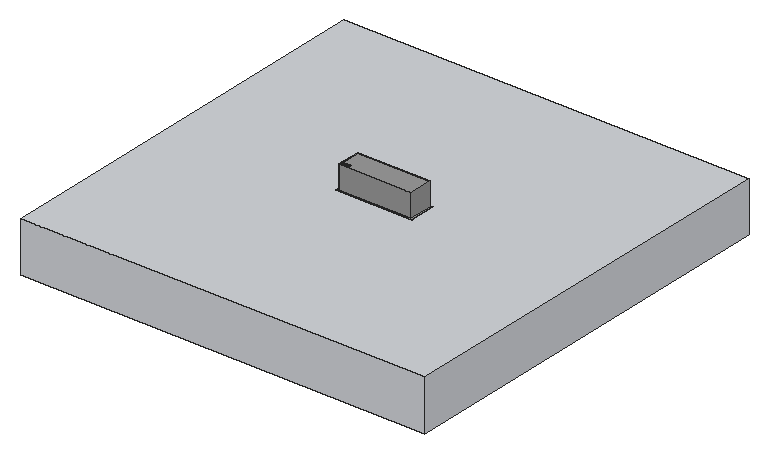
Revit family "LAMP_PUZZLE TRP", category Modelos genéricos, Revit 2015
Parameters (values of type "7032LM 3000 BLACK FLOOD")
  Weight = 3.036 kg
  Type = "COB PHILIPS"
  Protection rating = "IP20"
  Product datasheet = "http://www.lamp.es/product-files/TECH/PU2RE325FL830NB-EN.pdf"
  Product code = "PU2RE325FL830NB"
  Product URL = "http://www.lamp.es/en/family/puzzle_33321"
  Power Supply = "220-240V 50-60Hz"
  Power = 54 W
  Plum = 56.7 W
  Photometric web file 2 = Aro exterior : 2344LM 3000 BLACK FLOOD
  Photometric web file 1 = Aro exterior : 2344LM 3000 BLACK FLOOD
  Photometric web file 3 = Aro exterior : 2344LM 3000 BLACK FLOOD
  Modelo = Product code  # "PU2RE325FL830NB"
  Model explanation = "Availability of tilting between -25º and 25º in both directions when placed in a project."  # constant formula
  Material caja = LAMP_Aluminio aro Puzzle BL
  Manufacturer name = "LAMP"
  Manufacturer country = "Spain"
  Manufacturer URL = "http://www.lamp.es/en"
  MacAdam = "3"
  Luminaire type = "Indoor - Recessed luminaire"
  Last update = "24/07/2018"
  Lamp = "COB LED"
  LED Lifetime = "50.000 L80 B10"
  Interior Tilting 3 [instance] = 0.00°
  Interior Tilting 2 [instance] = 0.00°
  Interior Tilting 1 [instance] = 0.00°
  Insulation class = "II"
  Installation instructions = "http://www.lamp.es/product-files/INS/1000620-L-INSTR.%20LUMINARIA%20PUZZLE%20PARA%20PROYECCI%C3%93N.pdf"
  Initial intensity = 7032 lm
  Initial color = 3000 K
  IEE = "A++"
  Height = 139 mm
  Gear = "Electronic"
  Finish = "Matte black"
  Fabricante = Manufacturer name  # "LAMP"
  Exterior Tilting 3 [instance] = 0.00°
  Exterior Tilting 2 [instance] = 0.00°
  Exterior Tilting 1 [instance] = 0.00°
  Default Elevation = 1219.2 mm
  Efficacy = 124 lm/W
  Dimensions = "450 x 140 x 139"
  Descripción = "PUZZLE G2 TRP 2500 WW FL BK."
  Comentarios de tipo = Model explanation  # "Availability of tilting between -25º and 25º in both directions when placed in a project."
  CRI = "80"
  Angulo aro interior 3 [instance] = if(Interior Tilting 3 < -25.00°, 65.00°, if(Interior Tilting 3 > 25.00°, 115.00°, Interior Tilting 3 + 90.00°))  # 90.00°
  Angulo aro interior 2 [instance] = if(Interior Tilting 2 < -25.00°, 65.00°, if(Interior Tilting 2 > 25.00°, 115.00°, Interior Tilting 2 + 90.00°))  # 90.00°
  Angulo aro interior 1 [instance] = if(Interior Tilting 1 < -25.00°, 65.00°, if(Interior Tilting 1 > 25.00°, 115.00°, Interior Tilting 1 + 90.00°))  # 90.00°
  Angulo aro exterior 3 [instance] = if(Exterior Tilting 3 < -25.00°, 65.00°, if(Exterior Tilting 3 > 25.00°, 115.00°, Exterior Tilting 3 + 90.00°))  # 90.00°
  Angulo aro exterior 2 [instance] = if(Exterior Tilting 2 < -25.00°, 65.00°, if(Exterior Tilting 2 > 25.00°, 115.00°, Exterior Tilting 2 + 90.00°))  # 90.00°
  Angulo aro exterior 1 [instance] = if(Exterior Tilting 1 < -25.00°, 65.00°, if(Exterior Tilting 1 > 25.00°, 115.00°, Exterior Tilting 1 + 90.00°))  # 90.00°
Types (24, lengths in mm): name | Weight | Product datasheet | Product code | Power | Plum | Photometric web file 2 | Photometric web file 1 | Photometric web file 3 | Modelo | Material caja | LED Lifetime | Initial intensity | Initial color | IEE | Finish | Efficacy | Descripción
  7032LM 3000 BLACK FLOOD | 3.036 kg | "http://www.lamp.es/product-files/TECH/PU2RE325FL830NB-EN.pdf" | "PU2RE325FL830NB" | 54 W | 56.7 W | Aro exterior : 2344LM 3000 BLACK FLOOD | Aro exterior : 2344LM 3000 BLACK FLOOD | Aro exterior : 2344LM 3000 BLACK FLOOD | "PU2RE325FL830NB" | LAMP_Aluminio aro Puzzle BL | "50.000 L80 B10" | 7032 lm | 3000 K | "A++" | "Matte black" | 124 lm/W | "PUZZLE G2 TRP 2500 WW FL BK."
  7032LM 3000 WHITE FLOOD | 3.036 kg | "http://www.lamp.es/product-files/TECH/PU2RE325FL830NW-EN.pdf" | "PU2RE325FL830NW" | 54 W | 56.7 W | Aro exterior : 2344LM 3000 WHITE FLOOD | Aro exterior : 2344LM 3000 WHITE FLOOD | Aro exterior : 2344LM 3000 WHITE FLOOD | "PU2RE325FL830NW" | LAMP_Aluminio aro Puzzle WH | "50.000 L80 B10" | 7032 lm | 3000 K | "A++" | "Matte white" | 124 lm/W | "PUZZLE G2 TRP 2500 WW FL WH."
  7104LM 3000 BLACK MEDIUM FLOOD | 3.036 kg | "http://www.lamp.es/product-files/TECH/PU2RE325MF830NB-EN.pdf" | "PU2RE325MF830NB" | 54 W | 56.7 W | Aro exterior : 2368LM 3000 BLACK MEDIUM FLOOD | Aro exterior : 2368LM 3000 BLACK MEDIUM FLOOD | Aro exterior : 2368LM 3000 BLACK MEDIUM FLOOD | "PU2RE325MF830NB" | LAMP_Aluminio aro Puzzle BL | "50.000 L80 B10" | 7104 lm | 3000 K | "A++" | "Matte black" | 125.3 lm/W | "PUZZLE G2 TRP 2500 WW MFL BK."
  7104LM 3000 WHITE MEDIUM FLOOD | 3.036 kg | "http://www.lamp.es/product-files/TECH/PU2RE325MF830NW-EN.pdf" | "PU2RE325MF830NW" | 54 W | 56.7 W | Aro exterior : 2368LM 3000 WHITE MEDIUM FLOOD | Aro exterior : 2368LM 3000 WHITE MEDIUM FLOOD | Aro exterior : 2368LM 3000 WHITE MEDIUM FLOOD | "PU2RE325MF830NW" | LAMP_Aluminio aro Puzzle WH | "50.000 L80 B10" | 7104 lm | 3000 K | "A++" | "Matte white" | 125.3 lm/W | "PUZZLE G2 TRP 2500 WW MFL WH."
  7326LM 4000 BLACK FLOOD | 3.036 kg | "http://www.lamp.es/product-files/TECH/PU2RE325FL840NB-EN.pdf" | "PU2RE325FL840NB" | 54 W | 56.7 W | Aro exterior : 2442LM 4000 BLACK FLOOD | Aro exterior : 2442LM 4000 BLACK FLOOD | Aro exterior : 2442LM 4000 BLACK FLOOD | "PU2RE325FL840NB" | LAMP_Aluminio aro Puzzle BL | "50.000 L80 B10" | 7326 lm | 4000 K | "A++" | "Matte black" | 129.2 lm/W | "PUZZLE G2 TRP 2500 NW FL BK."
  7326LM 4000 WHITE FLOOD | 3.036 kg | "http://www.lamp.es/product-files/TECH/PU2RE325FL840NW-EN.pdf" | "PU2RE325FL840NW" | 54 W | 56.7 W | Aro exterior : 2442LM 4000 WHITE FLOOD | Aro exterior : 2442LM 4000 WHITE FLOOD | Aro exterior : 2442LM 4000 WHITE FLOOD | "PU2RE325FL840NW" | LAMP_Aluminio aro Puzzle WH | "50.000 L80 B10" | 7326 lm | 4000 K | "A++" | "Matte white" | 129.2 lm/W | "PUZZLE G2 TRP 2500 NW FL WH."
  7398LM 4000 BLACK MEDIUM FLOOD | 3.036 kg | "http://www.lamp.es/product-files/TECH/PU2RE325MF840NB-EN.pdf" | "PU2RE325MF840NB" | 54 W | 56.7 W | Aro exterior : 2466LM 4000 BLACK MEDIUM FLOOD | Aro exterior : 2466LM 4000 BLACK MEDIUM FLOOD | Aro exterior : 2466LM 4000 BLACK MEDIUM FLOOD | "PU2RE325MF840NB" | LAMP_Aluminio aro Puzzle BL | "50.000 L80 B10" | 7398 lm | 4000 K | "A++" | "Matte black" | 130.5 lm/W | "PUZZLE G2 TRP 2500 NW MFL BK."
  7398LM 4000 WHITE MEDIUM FLOOD | 3.036 kg | "http://www.lamp.es/product-files/TECH/PU2RE325MF840NW-EN.pdf" | "PU2RE325MF840NW" | 54 W | 56.7 W | Aro exterior : 2466LM 4000 WHITE MEDIUM FLOOD | Aro exterior : 2466LM 4000 WHITE MEDIUM FLOOD | Aro exterior : 2466LM 4000 WHITE MEDIUM FLOOD | "PU2RE325MF840NW" | LAMP_Aluminio aro Puzzle WH | "50.000 L80 B10" | 7398 lm | 4000 K | "A++" | "Matte white" | 130.5 lm/W | "PUZZLE G2 TRP 2500 NW MFL WH."
  9591LM 3000 BLACK FLOOD | 3.192 kg | "http://www.lamp.es/product-files/TECH/PU2RE335FL830NB-EN.pdf" | "PU2RE335FL830NB" | 87 W | 99.3 W | Aro exterior : 3197LM 3000 BLACK FLOOD | Aro exterior : 3197LM 3000 BLACK FLOOD | Aro exterior : 3197LM 3000 BLACK FLOOD | "PU2RE335FL830NB" | LAMP_Aluminio aro Puzzle BL | "50.000 L70 B10" | 9591 lm | 3000 K | "A+" | "Matte black" | 96.6 lm/W | "PUZZLE G2 TRP 3500 WW FL BK."
  9591LM 3000 WHITE FLOOD | 3.192 kg | "http://www.lamp.es/product-files/TECH/PU2RE335FL830NW-EN.pdf" | "PU2RE335FL830NW" | 87 W | 99.3 W | Aro exterior : 3197LM 3000 WHITE FLOOD | Aro exterior : 3197LM 3000 WHITE FLOOD | Aro exterior : 3197LM 3000 WHITE FLOOD | "PU2RE335FL830NW" | LAMP_Aluminio aro Puzzle WH | "50.000 L70 B10" | 9591 lm | 3000 K | "A+" | "Matte white" | 96.6 lm/W | "PUZZLE G2 TRP 3500 WW FL WH."
  9687LM 3000 BLACK MEDIUM FLOOD | 3.192 kg | "http://www.lamp.es/product-files/TECH/PU2RE335MF830NB-EN.pdf" | "PU2RE335MF830NB" | 87 W | 99.3 W | Aro exterior : 3229LM 3000 BLACK MEDIUM FLOOD | Aro exterior : 3229LM 3000 BLACK MEDIUM FLOOD | Aro exterior : 3229LM 3000 BLACK MEDIUM FLOOD | "PU2RE335MF830NB" | LAMP_Aluminio aro Puzzle BL | "50.000 L70 B10" | 9687 lm | 3000 K | "A+" | "Matte black" | 97.6 lm/W | "PUZZLE G2 TRP 3500 WW MFL BK."
  9687LM 3000 WHITE MEDIUM FLOOD | 3.192 kg | "http://www.lamp.es/product-files/TECH/PU2RE335MF830NW-EN.pdf" | "PU2RE335MF830NW" | 87 W | 99.3 W | Aro exterior : 3229LM 3000 WHITE MEDIUM FLOOD | Aro exterior : 3229LM 3000 WHITE MEDIUM FLOOD | Aro exterior : 3229LM 3000 WHITE MEDIUM FLOOD | "PU2RE335MF830NW" | LAMP_Aluminio aro Puzzle WH | "50.000 L70 B10" | 9687 lm | 3000 K | "A+" | "Matte white" | 97.6 lm/W | "PUZZLE G2 TRP 3500 WW MFL WH."
  9990LM 4000 BLACK FLOOD | 3.192 kg | "http://www.lamp.es/product-files/TECH/PU2RE335FL840NB-EN.pdf" | "PU2RE335FL840NB" | 87 W | 99.3 W | Aro exterior : 3330LM 4000 BLACK FLOOD | Aro exterior : 3330LM 4000 BLACK FLOOD | Aro exterior : 3330LM 4000 BLACK FLOOD | "PU2RE335FL840NB" | LAMP_Aluminio aro Puzzle BL | "50.000 L70 B10" | 9990 lm | 4000 K | "A+" | "Matte black" | 100.6 lm/W | "PUZZLE G2 TRP 3500 NW FL BK."
  9990LM 4000 WHITE FLOOD | 3.192 kg | "http://www.lamp.es/product-files/TECH/PU2RE335FL840NW-EN.pdf" | "PU2RE335FL840NW" | 87 W | 99.3 W | Aro exterior : 3330LM 4000 WHITE FLOOD | Aro exterior : 3330LM 4000 WHITE FLOOD | Aro exterior : 3330LM 4000 WHITE FLOOD | "PU2RE335FL840NW" | LAMP_Aluminio aro Puzzle WH | "50.000 L70 B10" | 9990 lm | 4000 K | "A+" | "Matte white" | 100.6 lm/W | "PUZZLE G2 TRP 3500 NW FL WH."
  10089LM 4000 BLACK MEDIUM FLOOD | 3.192 kg | "http://www.lamp.es/product-files/TECH/PU2RE335MF840NB-EN.pdf" | "PU2RE335MF840NB" | 87 W | 99.3 W | Aro exterior : 3363LM 4000 BLACK MEDIUM FLOOD | Aro exterior : 3363LM 4000 BLACK MEDIUM FLOOD | Aro exterior : 3363LM 4000 BLACK MEDIUM FLOOD | "PU2RE335MF840NB" | LAMP_Aluminio aro Puzzle BL | "50.000 L70 B10" | 10089 lm | 4000 K | "A+" | "Matte black" | 101.6 lm/W | "PUZZLE G2 TRP 3500 NW MFL BK."
  10089LM 4000 WHITE MEDIUM FLOOD | 3.192 kg | "http://www.lamp.es/product-files/TECH/PU2RE335MF840NW-EN.pdf" | "PU2RE335MF840NW" | 87 W | 99.3 W | Aro exterior : 3363LM 4000 WHITE MEDIUM FLOOD | Aro exterior : 3363LM 4000 WHITE MEDIUM FLOOD | Aro exterior : 3363LM 4000 WHITE MEDIUM FLOOD | "PU2RE335MF840NW" | LAMP_Aluminio aro Puzzle WH | "50.000 L70 B10" | 10089 lm | 4000 K | "A+" | "Matte white" | 101.6 lm/W | "PUZZLE G2 TRP 3500 NW MFL WH."
  12153LM 3000 BLACK MEDIUM FLOOD | 3.426 kg | "http://www.lamp.es/product-files/TECH/PU2RE345MF830NB-EN.pdf" | "PU2RE345MF830NB" | 99 W | 114.6 W | Aro exterior : 4051LM 3000 BLACK MEDIUM FLOOD | Aro exterior : 4051LM 3000 BLACK MEDIUM FLOOD | Aro exterior : 4051LM 3000 BLACK MEDIUM FLOOD | "PU2RE345MF830NB" | LAMP_Aluminio aro Puzzle BL | "50.000 L80 B10" | 12153 lm | 3000 K | "A+" | "Matte black" | 106 lm/W | "PUZZLE G2 TRP 4600 WW MFL BK."
  12153LM 3000 WHITE MEDIUM FLOOD | 3.426 kg | "http://www.lamp.es/product-files/TECH/PU2RE345MF830NW-EN.pdf" | "PU2RE345MF830NW" | 99 W | 114.6 W | Aro exterior : 4051LM 3000 WHITE MEDIUM FLOOD | Aro exterior : 4051LM 3000 WHITE MEDIUM FLOOD | Aro exterior : 4051LM 3000 WHITE MEDIUM FLOOD | "PU2RE345MF830NW" | LAMP_Aluminio aro Puzzle WH | "50.000 L80 B10" | 12153 lm | 3000 K | "A+" | "Matte white" | 106 lm/W | "PUZZLE G2 TRP 4600 WW MFL WH."
  12411LM 3000 BLACK FLOOD | 3.426 kg | "http://www.lamp.es/product-files/TECH/PU2RE345FL830NB-EN.pdf" | "PU2RE345FL830NB" | 99 W | 114.6 W | Aro exterior : 4137LM 3000 BLACK FLOOD | Aro exterior : 4137LM 3000 BLACK FLOOD | Aro exterior : 4137LM 3000 BLACK FLOOD | "PU2RE345FL830NB" | LAMP_Aluminio aro Puzzle BL | "50.000 L80 B10" | 12411 lm | 3000 K | "A+" | "Matte black" | 108.3 lm/W | "PUZZLE G2 TRP 4600 WW FL BK."
  12411LM 3000 WHITE FLOOD | 3.426 kg | "http://www.lamp.es/product-files/TECH/PU2RE345FL830NW-EN.pdf" | "PU2RE345FL830NW" | 99 W | 114.6 W | Aro exterior : 4137LM 3000 WHITE FLOOD | Aro exterior : 4137LM 3000 WHITE FLOOD | Aro exterior : 4137LM 3000 WHITE FLOOD | "PU2RE345FL830NW" | LAMP_Aluminio aro Puzzle WH | "50.000 L80 B10" | 12411 lm | 3000 K | "A+" | "Matte white" | 108.3 lm/W | "PUZZLE G2 TRP 4600 WW FL WH."
  12660LM 4000 BLACK MEDIUM FLOOD | 3.426 kg | "http://www.lamp.es/product-files/TECH/PU2RE345MF840NB-EN.pdf" | "PU2RE345MF840NB" | 99 W | 114.6 W | Aro exterior : 4220LM 4000 BLACK MEDIUM FLOOD | Aro exterior : 4220LM 4000 BLACK MEDIUM FLOOD | Aro exterior : 4220LM 4000 BLACK MEDIUM FLOOD | "PU2RE345MF840NB" | LAMP_Aluminio aro Puzzle BL | "50.000 L80 B10" | 12660 lm | 4000 K | "A+" | "Matte black" | 110.5 lm/W | "PUZZLE G2 TRP 4600 NW MFL BK."
  12660LM 4000 WHITE MEDIUM FLOOD | 3.426 kg | "http://www.lamp.es/product-files/TECH/PU2RE345MF840NW-EN.pdf" | "PU2RE345MF840NW" | 99 W | 114.6 W | Aro exterior : 4220LM 4000 WHITE MEDIUM FLOOD | Aro exterior : 4220LM 4000 WHITE MEDIUM FLOOD | Aro exterior : 4220LM 4000 WHITE MEDIUM FLOOD | "PU2RE345MF840NW" | LAMP_Aluminio aro Puzzle WH | "50.000 L80 B10" | 12660 lm | 4000 K | "A+" | "Matte white" | 110.5 lm/W | "PUZZLE G2 TRP 4600 NW MFL WH."
  12927LM 4000 BLACK FLOOD | 3.426 kg | "http://www.lamp.es/product-files/TECH/PU2RE345FL840NB-EN.pdf" | "PU2RE345FL840NB" | 99 W | 114.6 W | Aro exterior : 4309LM 4000 BLACK FLOOD | Aro exterior : 4309LM 4000 BLACK FLOOD | Aro exterior : 4309LM 4000 BLACK FLOOD | "PU2RE345FL840NB" | LAMP_Aluminio aro Puzzle BL | "50.000 L80 B10" | 12927 lm | 4000 K | "A+" | "Matte black" | 112.8 lm/W | "PUZZLE G2 TRP 4600 NW FL BK."
  12927LM 4000 WHITE FLOOD | 3.426 kg | "http://www.lamp.es/product-files/TECH/PU2RE345FL840NW-EN.pdf" | "PU2RE345FL840NW" | 99 W | 114.6 W | Aro exterior : 4309LM 4000 WHITE FLOOD | Aro exterior : 4309LM 4000 WHITE FLOOD | Aro exterior : 4309LM 4000 WHITE FLOOD | "PU2RE345FL840NW" | LAMP_Aluminio aro Puzzle WH | "50.000 L80 B10" | 12927 lm | 4000 K | "A+" | "Matte white" | 112.8 lm/W | "PUZZLE G2 TRP 4600 NW FL WH."
Reference planes
  plane 1 "Centro (Frontal/Posterior)": y = 0
  plane 2: z = 0
  plane 3 "Centro (Izquierda/Derecha)": x = 0
Forms (mm)
  Extrusion 1, solid
    sketch origin (0, 0, 0) x (1, 0, 0) y (0, 1, 0)
      loop
        line (-1219.2, 1219.2) -> (-1219.2, -1219.2) -> (1219.2, -1219.2) -> (1219.2, 1219.2) -> (-1219.2, 1219.2)
    from 0 to -304.8
  Extrusion 2, solid, material "LAMP_Aluminio aro Puzzle BL" <- "Material caja"
    sketch origin (0, 0, 0) x (1, 0, 0) y (0, 1, 0)
      loop
        line (-230, 78.5) -> (-230, -78.5) -> (230, -78.5) -> (230, 78.5) -> (-230, 78.5)
      loop
        line (216, 69.5) -> (-216, 69.5) -> (-216, -69.5) -> (216, -69.5) -> (216, 69.5)
    from 0 to 1
  Extrusion 3, solid, material "LAMP_Aluminio aro Puzzle BL" <- "Material caja"
    sketch origin (0, 0, 0) x (1, 0, 0) y (0, 1, 0)
      loop
        line (217, 70.5) -> (-217, 70.5) -> (-217, -70.5) -> (217, -70.5) -> (217, 70.5)
    from 1 to 140
  Extrusion 4, void
    sketch origin (0, 0, 0) x (1, 0, 0) y (0, 1, 0)
      loop
        line (-216, 69.5) -> (-216, -69.5) -> (216, -69.5) -> (216, 69.5) -> (-216, 69.5)
    from 0 to 139
  Extrusion 5, solid, material "LAMP_Aluminio aro Puzzle BL" <- "Material caja"
    sketch origin (0, 0, 0) x (1, 0, 0) y (0, 1, 0)
      loop
        arc (-207.383, -60.743) -> (-207.165, -61.271) -> (-206.638, -61.489) r 0.745
        line (-206.638, -61.489) -> (-202.098, -61.489)
        arc (-202.098, -61.489) -> (-201.648, -61.345) -> (-201.365, -60.966) r 0.775
        line (-201.365, -60.966) -> (-196.825, -47.771) -> (-192.31, -60.894)
        arc (-192.31, -60.894) -> (-192.044, -61.249) -> (-191.622, -61.385) r 0.727
        line (-191.622, -61.385) -> (-188.201, -61.385)
        arc (-188.201, -61.385) -> (-187.685, -61.171) -> (-187.472, -60.656) r 0.729
        line (-187.472, -60.656) -> (-187.472, -47.839) -> (-183.518, -51.793) -> (-179.413, -47.688) -> (-179.413, -60.781)
        arc (-179.413, -60.781) -> (-179.206, -61.282) -> (-178.705, -61.489) r 0.708
        line (-178.705, -61.489) -> (-173.628, -61.489)
        arc (-173.628, -61.489) -> (-173.087, -61.265) -> (-172.862, -60.723) r 0.766
        line (-172.862, -60.723) -> (-172.862, -48.323)
        arc (-172.862, -48.323) -> (-172.646, -47.8) -> (-172.122, -47.583) r 0.74
        line (-172.122, -47.583) -> (-168.678, -47.583)
        arc (-168.678, -47.583) -> (-168.139, -47.806) -> (-167.916, -48.345) r 0.762
        line (-167.916, -48.345) -> (-167.916, -50.947)
        arc (-167.916, -50.947) -> (-168.138, -51.483) -> (-168.674, -51.705) r 0.758
        line (-168.674, -51.705) -> (-171.845, -51.705)
        arc (-171.845, -51.705) -> (-172.669, -52.529) -> (-171.845, -53.354) r 0.824
        line (-171.845, -53.354) -> (-167.006, -53.354)
        arc (-167.006, -53.354) -> (-166.484, -53.137) -> (-166.267, -52.615) r 0.739
        line (-166.267, -52.615) -> (-166.267, -46.71)
        arc (-166.267, -46.71) -> (-166.494, -46.161) -> (-167.043, -45.934) r 0.776
        line (-167.043, -45.934) -> (-173.745, -45.934)
        arc (-173.745, -45.934) -> (-174.287, -46.158) -> (-174.511, -46.7) r 0.766
        line (-174.511, -46.7) -> (-174.511, -59.095)
        arc (-174.511, -59.095) -> (-174.736, -59.637) -> (-175.277, -59.861) r 0.766
        line (-175.277, -59.861) -> (-176.973, -59.861)
        arc (-176.973, -59.861) -> (-177.512, -59.638) -> (-177.735, -59.099) r 0.762
        line (-177.735, -59.099) -> (-177.735, -47.452)
        arc (-177.735, -47.452) -> (-178.931, -45.79) -> (-180.888, -46.395) r 1.753
        line (-180.888, -46.395) -> (-183.518, -49.026) -> (-186.149, -46.395)
        arc (-186.149, -46.395) -> (-188.105, -45.79) -> (-189.301, -47.452) r 1.753
        line (-189.301, -47.452) -> (-189.301, -58.913)
        arc (-189.301, -58.913) -> (-190.091, -59.846) -> (-191.141, -59.221) r 0.946
        line (-191.141, -59.221) -> (-195.349, -46.988)
        arc (-195.349, -46.988) -> (-196.825, -45.934) -> (-198.301, -46.988) r 1.561
        line (-198.301, -46.988) -> (-202.55, -59.343)
        arc (-202.55, -59.343) -> (-202.831, -59.718) -> (-203.277, -59.861) r 0.768
        line (-203.277, -59.861) -> (-205.002, -59.861)
        arc (-205.002, -59.861) -> (-205.52, -59.647) -> (-205.734, -59.129) r 0.733
        line (-205.734, -59.129) -> (-205.734, -46.671)
        arc (-205.734, -46.671) -> (-206.559, -45.846) -> (-207.383, -46.671) r 0.824
        line (-207.383, -46.671) -> (-207.383, -60.743)
    from 140 to 141
Cuts and joins
  Extrusion 4 cuts Extrusion 3
  joined: Extrusion 2, Extrusion 3
Text (mm)
  text "Any modification of the parameters and properties of the LAMP BIM models must be executed and validated by the LAMP technical department.\n\nPhone: +34 93 736 68 00\n\nE-mail: lamp@lamp.es\n\n\n\nLAMP reserves the right to modify the technical specifications of its products." at (-14998.389, 20154.266, -8306.991), in view "Preview"
Dimensions and locks
  aligned and locked: plane 2 to Extrusion 1
  aligned and locked: level to Extrusion 1
Nested families
  nested 1: "Aro exterior" at (0, 0, 0) x (0, 1, 0) z (0, 0, 1), type <- "Photometric web file 2", Interior tilting <- "Angulo aro interior 2", Exterior tilting <- "Angulo aro exterior 2", type "2344LM 3000 BLACK FLOOD"
    with Interior tilting 90.00°, Exterior tilting 90.00°
  nested 2: "Aro exterior" at (144, 0, 0) x (0, 1, 0) z (0, 0, 1), type <- "Photometric web file 3", Interior tilting <- "Angulo aro interior 3", Exterior tilting <- "Angulo aro exterior 3", type "2344LM 3000 BLACK FLOOD"
    with Interior tilting 90.00°, Exterior tilting 90.00°
  nested 3: "Aro exterior" at (-144, 0, 0) x (0, 1, 0) z (0, 0, 1), type <- "Photometric web file 1", Interior tilting <- "Angulo aro interior 1", Exterior tilting <- "Angulo aro exterior 1", type "2344LM 3000 BLACK FLOOD"
    with Interior tilting 90.00°, Exterior tilting 90.00°
Connectors
  electrical at (0, 0, 139)
    settings: on cut or joined group of Extrusion 2, Extrusion 3, Extrusion 4, index 1, voltage 230 V, apparent load 0 VA, apparent load phase1 0 VA, apparent load phase2 0 VA, apparent load phase3 0 VA, power factor 1, load classification "Otro", number of poles 1, system type 31, power factor state 1, is connector primary yes, connector utility no, sub classification motor no, connector description ""
Definition of nested family "Aro exterior"
  Parameters (values of type "1405LM 3000 BLACK FLOOD")
    Exterior tilting [instance] = 90.00°
    Interior tilting [instance] = 90.00°
    Photometric web file = Aro interior : 1405LM 3000 BLACK FLOOD
    Material aro = none
  Types (33, lengths in mm): name | Photometric web file
    (no name) | Aro interior : 1405LM 3000 BLACK FLOOD
    1405LM 3000 BLACK FLOOD | Aro interior : 1405LM 3000 BLACK FLOOD
    1405LM 3000 WHITE FLOOD | Aro interior : 1405LM 3000 WHITE FLOOD
    1421LM 3000 BLACK MEDIUM FLOOD | Aro interior : 1421LM 3000 BLACK MEDIUM FLOOD
    1421LM 3000 WHITE MEDIUM FLOOD | Aro interior : 1421LM 3000 WHITE MEDIUM FLOOD
    1464LM 4000 BLACK FLOOD | Aro interior : 1464LM 4000 BLACK FLOOD
    1464LM 4000 WHITE FLOOD | Aro interior : 1464LM 4000 WHITE FLOOD
    1480LM 4000 BLACK MEDIUM FLOOD | Aro interior : 1480LM 4000 BLACK MEDIUM FLOOD
    1480LM 4000 WHITE MEDIUM FLOOD | Aro interior : 1480LM 4000 WHITE MEDIUM FLOOD
    2344LM 3000 BLACK FLOOD | Aro interior : 2344LM 3000 BLACK FLOOD
    2344LM 3000 WHITE FLOOD | Aro interior : 2344LM 3000 WHITE FLOOD
    2368LM 3000 BLACK MEDIUM FLOOD | Aro interior : 2368LM 3000 BLACK MEDIUM FLOOD
    2368LM 3000 WHITE MEDIUM FLOOD | Aro interior : 2368LM 3000 WHITE MEDIUM FLOOD
    2442LM 4000 BLACK FLOOD | Aro interior : 2442LM 4000 BLACK FLOOD
    2442LM 4000 WHITE FLOOD | Aro interior : 2442LM 4000 WHITE FLOOD
    2466LM 4000 BLACK MEDIUM FLOOD | Aro interior : 2466LM 4000 BLACK MEDIUM FLOOD
    2466LM 4000 WHITE MEDIUM FLOOD | Aro interior : 2466LM 4000 WHITE MEDIUM FLOOD
    3197LM 3000 BLACK FLOOD | Aro interior : 3197LM 3000 BLACK FLOOD
    3197LM 3000 WHITE FLOOD | Aro interior : 3197LM 3000 WHITE FLOOD
    3229LM 3000 BLACK MEDIUM FLOOD | Aro interior : 3229LM 3000 BLACK MEDIUM FLOOD
    3229LM 3000 WHITE MEDIUM FLOOD | Aro interior : 3229LM 3000 WHITE MEDIUM FLOOD
    3330LM 4000 BLACK FLOOD | Aro interior : 3330LM 4000 BLACK FLOOD
    3330LM 4000 WHITE FLOOD | Aro interior : 3330LM 4000 WHITE FLOOD
    3363LM 4000 BLACK MEDIUM FLOOD | Aro interior : 3363LM 4000 BLACK MEDIUM FLOOD
    3363LM 4000 WHITE MEDIUM FLOOD | Aro interior : 3363LM 4000 WHITE MEDIUM FLOOD
    4051LM 3000 BLACK MEDIUM FLOOD | Aro interior : 4051LM 3000 BLACK MEDIUM FLOOD
    4051LM 3000 WHITE MEDIUM FLOOD | Aro interior : 4051LM 3000 WHITE MEDIUM FLOOD
    4137LM 3000 BLACK FLOOD | Aro interior : 4137LM 3000 BLACK FLOOD
    4137LM 3000 WHITE FLOOD | Aro interior : 4137LM 3000 WHITE FLOOD
    4220LM 4000 BLACK MEDIUM FLOOD | Aro interior : 4220LM 4000 BLACK MEDIUM FLOOD
    4220LM 4000 WHITE MEDIUM FLOOD | Aro interior : 4220LM 4000 WHITE MEDIUM FLOOD
    4309LM 4000 BLACK FLOOD | Aro interior : 4309LM 4000 BLACK FLOOD
    4309LM 4000 WHITE FLOOD | Aro interior : 4309LM 4000 WHITE FLOOD
  Reference planes
    plane 1 "Centro (Frontal/Posterior)": y = 0
    plane 2: z = 0
    plane 3 "Centro (Izquierda/Derecha)": x = 0
  Forms (mm)
    Revolve 1, solid, material <- "Material aro"
      sketch origin (0, 0, 0) x (0, -1, 0) y (0, 0, -1)
        loop
          line (61.2, 0) -> (61.2, -4.112) -> (62.81, -4.112) -> (64.5, -20) -> (67, -20) -> (65, -1.2)
          arc (65, -1.2) -> (64.649, -0.351) -> (63.8, 0) r 1.2
          line (63.8, 0) -> (61.2, 0)
        axis (0, 0) -> (0, -20)
      angle from 0 to 360
  Lines and regions (mm)
    reference lines
      curve 1: line (0, 0, 0) -> (0, -100, 0)
  Dimensions and locks
    "Exterior tilting": angle plane 1 "Centro (Frontal/Posterior)" to curve 1
    aligned and locked: level to plane 2
    aligned and locked: plane 1 "Centro (Frontal/Posterior)" to curve 1
    aligned and locked: plane 2 to curve 1
  Automatic sketch dimensions
    Revolve 1 sketch curve to curve 1 = 0 mm  (x2)
    Revolve 1 sketch curve to curve 1 = 1261.835 mm
    curve 1 to Revolve 1 sketch curve = 115.333 mm
    Revolve 1 sketch curve to curve 1 = 38.8 mm
    curve 1 to Revolve 1 sketch curve = 4.112 mm
    Revolve 1 sketch curve to Revolve 1 sketch curve = 1.61 mm
    curve 1 to Revolve 1 sketch curve = 1.2 mm
    Revolve 1 sketch curve to Revolve 1 sketch curve = 2.6 mm
    Revolve 1 sketch curve to Revolve 1 sketch curve = 1.69 mm
    Revolve 1 sketch curve to Revolve 1 sketch curve = 2.5 mm
    Revolve 1 sketch curve to Revolve 1 sketch curve = 15.888 mm
  Nested families
    nested 1: "Aro interior" at (0, 0, -1520), type <- "Photometric web file", type "1405LM 3000 BLACK FLOOD"
  Definition of nested family "Aro interior"
    Parameters (values of type "1421LM 3000 BLACK MEDIUM FLOOD")
      Tilt Angle = Tilting 1  # 90.00°
      Wattage = 9.7 W
      Tilting 1 = 90.00°
      built-in parameter 1150110 = 1 (stored number, unit not read)
      Material Reflector = none
      Material COB = none
      Material Aro = none
      built-in parameter 1114217 = 1 (stored number, unit not read)
      built-in parameter 1150109 = 1 (stored number, unit not read)
      Default Elevation = 1219.2 mm
      built-in parameter 1150134 = (empty or 0)
      built-in parameter 1150113 = 1 (stored number, unit not read)
      Lumens = 1421.05 lm
      built-in parameter 1150115 = 1 (stored number, unit not read)
      built-in parameter 1150105 = 2804 (stored number, unit not read)
      built-in parameter 1150137 = (empty or 0)
      built-in parameter 1150139 = (empty or 0)
      built-in parameter 1150112 = 1 (stored number, unit not read)
      built-in parameter 1150114 = 1 (stored number, unit not read)
      built-in parameter 1150132 = 2
      built-in parameter 1150102 = (empty or 0)
      built-in parameter 1150138 = (empty or 0)
      built-in parameter 1150107 = 3000 (stored number, unit not read)
      built-in parameter 1150106 = 28.04 (stored number, unit not read)
      built-in parameter 1150104 = 13.61 (stored number, unit not read)
      Dimming Lamp Color Temperature Shift = (empty or 0)
      Color Filter = 16777215
      built-in parameter 1114218 = 1 (stored number, unit not read)
      Photometric Web File = "PU2RE115MF830NB.IES"
      built-in parameter 1150133 = 10 (stored number, unit not read)
    Types (33, lengths in mm): name | Wattage | built-in parameter 1150134 | Lumens | built-in parameter 1150105 | built-in parameter 1150107 | built-in parameter 1150106 | built-in parameter 1150104 | Photometric Web File
      (no name) | 9.7 W | (empty or 0) | 1421.05 lm | 2804 (stored number, unit not read) | 3000 (stored number, unit not read) | 28.04 (stored number, unit not read) | 13.61 (stored number, unit not read) | "PU2RE115MF830NB.IES"
      1405LM 3000 BLACK FLOOD | 9.7 W | (empty or 0) | 1404.56 lm | 2771.5 (stored number, unit not read) | 3000 (stored number, unit not read) | 27.715 (stored number, unit not read) | 13.452 (stored number, unit not read) | "PU2RE115FL830NB.IES"
      1405LM 3000 WHITE FLOOD | 9.7 W | (empty or 0) | 1404.56 lm | 2771.5 (stored number, unit not read) | 3000 (stored number, unit not read) | 27.715 (stored number, unit not read) | 13.452 (stored number, unit not read) | "PU2RE115FL830NW.IES"
      1421LM 3000 BLACK MEDIUM FLOOD | 9.7 W | (empty or 0) | 1421.05 lm | 2804 (stored number, unit not read) | 3000 (stored number, unit not read) | 28.04 (stored number, unit not read) | 13.61 (stored number, unit not read) | "PU2RE115MF830NB.IES"
      1421LM 3000 WHITE MEDIUM FLOOD | 9.7 W | (empty or 0) | 1421.05 lm | 2804 (stored number, unit not read) | 3000 (stored number, unit not read) | 28.04 (stored number, unit not read) | 13.61 (stored number, unit not read) | "PU2RE115MF830NW.IES"
      1464LM 4000 BLACK FLOOD | 9.7 W | 12 | 1463.73 lm | 4884.5 (stored number, unit not read) | 4000 (stored number, unit not read) | 48.845 (stored number, unit not read) | 14.019 (stored number, unit not read) | "PU2RE115FL840NB.IES"
      1464LM 4000 WHITE FLOOD | 9.7 W | 12 | 1463.73 lm | 2888.2 (stored number, unit not read) | 4000 (stored number, unit not read) | 28.882 (stored number, unit not read) | 14.019 (stored number, unit not read) | "PU2RE115FL840NW.IES"
      1480LM 4000 BLACK MEDIUM FLOOD | 9.7 W | 12 | 1480.22 lm | 2920.7 (stored number, unit not read) | 4000 (stored number, unit not read) | 29.207 (stored number, unit not read) | 14.177 (stored number, unit not read) | "PU2RE115MF840NB.IES"
      1480LM 4000 WHITE MEDIUM FLOOD | 9.7 W | 12 | 1480.22 lm | 2920.7 (stored number, unit not read) | 4000 (stored number, unit not read) | 29.207 (stored number, unit not read) | 14.177 (stored number, unit not read) | "PU2RE115MF840NW.IES"
      2344LM 3000 BLACK FLOOD | 18.9 W | (empty or 0) | 2343.6 lm | 7820.6 (stored number, unit not read) | 3000 (stored number, unit not read) | 78.206 (stored number, unit not read) | 11.52 (stored number, unit not read) | "PU2RE125FL830NB.IES"
      2344LM 3000 WHITE FLOOD | 18.9 W | (empty or 0) | 2343.6 lm | 7820.6 (stored number, unit not read) | 3000 (stored number, unit not read) | 78.206 (stored number, unit not read) | 11.52 (stored number, unit not read) | "PU2RE125FL830NW.IES"
      2368LM 3000 BLACK MEDIUM FLOOD | 18.9 W | (empty or 0) | 2368.17 lm | 4793.7 (stored number, unit not read) | 3000 (stored number, unit not read) | 47.937 (stored number, unit not read) | 11.641 (stored number, unit not read) | "PU2RE125MF830NB.IES"
      2368LM 3000 WHITE MEDIUM FLOOD | 18.9 W | (empty or 0) | 2368.17 lm | 4793.7 (stored number, unit not read) | 3000 (stored number, unit not read) | 47.937 (stored number, unit not read) | 11.641 (stored number, unit not read) | "PU2RE125MF830NW.IES"
      2442LM 4000 BLACK FLOOD | 18.9 W | 12 | 2441.88 lm | 8148.6 (stored number, unit not read) | 4000 (stored number, unit not read) | 81.486 (stored number, unit not read) | 12.003 (stored number, unit not read) | "PU2RE125FL840NB.IES"
      2442LM 4000 WHITE FLOOD | 18.9 W | 12 | 2441.88 lm | 8148.6 (stored number, unit not read) | 4000 (stored number, unit not read) | 81.486 (stored number, unit not read) | 12.003 (stored number, unit not read) | "PU2RE125FL840NW.IES"
      2466LM 4000 BLACK MEDIUM FLOOD | 18.9 W | 12 | 2466.45 lm | 4992.7 (stored number, unit not read) | 4000 (stored number, unit not read) | 49.927 (stored number, unit not read) | 12.124 (stored number, unit not read) | "PU2RE125MF840NB.IES"
      2466LM 4000 WHITE MEDIUM FLOOD | 18.9 W | 12 | 2466.45 lm | 4992.7 (stored number, unit not read) | 4000 (stored number, unit not read) | 49.927 (stored number, unit not read) | 12.124 (stored number, unit not read) | "PU2RE125MF840NW.IES"
      3197LM 3000 BLACK FLOOD | 33.1 W | (empty or 0) | 3197.46 lm | 10670 (stored number, unit not read) | 3000 (stored number, unit not read) | 106.7 (stored number, unit not read) | 8.9744 (stored number, unit not read) | "PU2RE135FL830NB.IES"
      3197LM 3000 WHITE FLOOD | 33.1 W | (empty or 0) | 3197.46 lm | 10670 (stored number, unit not read) | 3000 (stored number, unit not read) | 106.7 (stored number, unit not read) | 8.9744 (stored number, unit not read) | "PU2RE135FL830NW.IES"
      3229LM 3000 BLACK MEDIUM FLOOD | 33.1 W | (empty or 0) | 3230.56 lm | 10780.5 (stored number, unit not read) | 3000 (stored number, unit not read) | 107.8 (stored number, unit not read) | 9.0673 (stored number, unit not read) | "PU2RE135MF830NB.IES"
      3229LM 3000 WHITE MEDIUM FLOOD | 33.1 W | (empty or 0) | 3230.56 lm | 10780.5 (stored number, unit not read) | 3000 (stored number, unit not read) | 107.8 (stored number, unit not read) | 9.0673 (stored number, unit not read) | "PU2RE135MF830NW.IES"
      3330LM 4000 BLACK FLOOD | 33.1 W | 12 | 3329.86 lm | 6853.6 (stored number, unit not read) | 4000 (stored number, unit not read) | 68.536 (stored number, unit not read) | 9.346 (stored number, unit not read) | "PU2RE135FL840NB.IES"
      3330LM 4000 WHITE FLOOD | 33.1 W | 12 | 3329.86 lm | 6853.6 (stored number, unit not read) | 4000 (stored number, unit not read) | 68.536 (stored number, unit not read) | 9.346 (stored number, unit not read) | "PU2RE135FL840NW.IES"
      3363LM 4000 BLACK MEDIUM FLOOD | 33.1 W | 12 | 3362.96 lm | 6921.7 (stored number, unit not read) | 4000 (stored number, unit not read) | 69.217 (stored number, unit not read) | 9.4389 (stored number, unit not read) | "PU2RE135MF840NB.IES"
      3363LM 4000 WHITE MEDIUM FLOOD | 33.1 W | 12 | 3362.96 lm | 6921.7 (stored number, unit not read) | 4000 (stored number, unit not read) | 69.217 (stored number, unit not read) | 9.4389 (stored number, unit not read) | "PU2RE135MF840NW.IES"
      4051LM 3000 BLACK MEDIUM FLOOD | 38.2 W | (empty or 0) | 4049.2 lm | 13512.3 (stored number, unit not read) | 3000 (stored number, unit not read) | 135.12 (stored number, unit not read) | 9.8477 (stored number, unit not read) | "PU2RE145MF830NB.IES"
      4051LM 3000 WHITE MEDIUM FLOOD | 38.2 W | (empty or 0) | 4049.2 lm | 13512.3 (stored number, unit not read) | 3000 (stored number, unit not read) | 135.12 (stored number, unit not read) | 9.8477 (stored number, unit not read) | "PU2RE145MF830NW.IES"
      4137LM 3000 BLACK FLOOD | 38.2 W | (empty or 0) | 4137.06 lm | 11389.9 (stored number, unit not read) | 3000 (stored number, unit not read) | 113.9 (stored number, unit not read) | 10.061 (stored number, unit not read) | "PU2RE145FL830NB.IES"
      4137LM 3000 WHITE FLOOD | 38.2 W | (empty or 0) | 4137.06 lm | 11389.9 (stored number, unit not read) | 3000 (stored number, unit not read) | 113.9 (stored number, unit not read) | 10.061 (stored number, unit not read) | "PU2RE145FL830NW.IES"
      4220LM 4000 BLACK MEDIUM FLOOD | 38.2 W | 12 | 4221.1 lm | 8318.4 (stored number, unit not read) | 4000 (stored number, unit not read) | 83.184 (stored number, unit not read) | 10.266 (stored number, unit not read) | "PU2RE145MF840NB.IES"
      4220LM 4000 WHITE MEDIUM FLOOD | 38.2 W | 12 | 4221.1 lm | 8318.4 (stored number, unit not read) | 4000 (stored number, unit not read) | 83.184 (stored number, unit not read) | 10.266 (stored number, unit not read) | "PU2RE145MF840NW.IES"
      4309LM 4000 BLACK FLOOD | 38.2 W | 12 | 4308.96 lm | 11863.2 (stored number, unit not read) | 4000 (stored number, unit not read) | 118.63 (stored number, unit not read) | 10.479 (stored number, unit not read) | "PU2RE145FL840NB.IES"
      4309LM 4000 WHITE FLOOD | 38.2 W | 12 | 4308.96 lm | 11863.2 (stored number, unit not read) | 4000 (stored number, unit not read) | 118.63 (stored number, unit not read) | 10.479 (stored number, unit not read) | "PU2RE145FL840NW.IES"
    Reference planes
      plane 1 "Eje de origen de luz (F/P)": y = 0
      plane 2: z = 0
      plane 3 "Eje de origen de luz (I/D)": x = 0
      plane 4 "Elevación de origen de luz": z = 1500
      plane 5: z = 1520
    Forms (mm)
      Revolve 1, solid, material <- "Material Aro"
        sketch origin (0, 0, 1520) x (1, 0, 0) y (0, 0, 1)
          loop
            line (-55.65, 14) -> (-55.65, 4.75) -> (-51.35, 4.75) -> (-51.35, 0) -> (0, 0) -> (0, 14) -> (-55.65, 14)
          axis (0, 14) -> (0, 0)
        angle from 0 to 360
      Extrusion 2, void
        sketch origin (0, 0, 1520) x (-1, 0, 0) y (0, -1, 0)
          loop
            circle (0, 0) r 51.35
        from 4.75 to 14
      Extrusion 3, void
        sketch origin (0, 0, 1520) x (-1, 0, 0) y (0, -1, 0)
          loop
            circle (0, 0) r 34.3
        from 0 to 4.75
      Revolve 4, solid, material <- "Material Reflector"
        sketch origin (0, 0, 1520) x (1, 0, 0) y (0, 0, 1)
          loop
            line (0, 4.75) -> (0, 54.75) -> (-10, 54.75)
            spline (-10, 54.75) -> (-13.008, 52.377) -> (-15.867, 49.677) -> (-18.578, 46.652) -> (-21.14, 43.301) -> (-23.555, 39.623) -> (-25.82, 35.619) -> (-27.938, 31.29) -> (-29.907, 26.634) -> (-31.728, 21.652) -> (-33.4, 16.344) -> (-34.924, 10.71) -> (-36.3, 4.75)
            line (-36.3, 4.75) -> (-35.3, 4.75) -> (0, 4.75)
          axis (0, 54.75) -> (0, 4.75)
        angle from 0 to 360
      Revolve 5, void
        sketch origin (0, 0, 1520) x (1, 0, 0) y (0, 0, 1)
          loop
            line (0, 4.75) -> (0, 54.75) -> (-8, 54.75)
            spline (-8, 54.75) -> (-11.008, 52.377) -> (-13.867, 49.677) -> (-16.578, 46.652) -> (-19.14, 43.301) -> (-21.555, 39.623) -> (-23.82, 35.619) -> (-25.938, 31.29) -> (-27.907, 26.634) -> (-29.728, 21.652) -> (-31.4, 16.344) -> (-32.924, 10.71) -> (-34.3, 4.75)
            line (-34.3, 4.75) -> (-33.3, 4.75) -> (0, 4.75)
          axis (0, 54.75) -> (0, 4.75)
        angle from 0 to 360
      Revolve 6, solid, material <- "Material COB"
        sketch origin (0, 0, 1520) x (1, 0, 0) y (0, 0, 1)
          loop
            line (0, 54.75) -> (10, 54.75) -> (10, 56.75) -> (0, 56.75) -> (0, 54.75)
          axis (0, 56.75) -> (0, 54.75)
        angle from 0 to 360
      Revolve 7, solid, material <- "Material Aro"
        sketch origin (0, 0, 1520) x (1, 0, 0) y (0, 0, 1)
          loop
            line (-59.2, 0) -> (-57.2, 0) -> (-57.2, 17) -> (-51.9, 17) -> (-51.9, 19) -> (-59.2, 19) -> (-59.2, 0)
          axis (0, 19) -> (0, 0)
        angle from 0 to 360
    Cuts and joins
      Extrusion 2, Extrusion 3 cuts Revolve 1
      Revolve 5 cuts Revolve 4
    Lines and regions (mm)
      reference lines
        curve 1: line (0, 0, 1520) -> (130, 0, 1520)
        curve 2: line (0, 0, 1500) -> (130, 0, 1500)
    Dimensions and locks
      "Tilting 1": angle plane 3 "Eje de origen de luz (I/D)" to curve 1
      aligned and locked: plane 1 "Eje de origen de luz (F/P)" to imposter light
      aligned and locked: level to plane 2
      aligned and locked: imposter light to curve 2  (x2)
      aligned and locked: plane 3 "Eje de origen de luz (I/D)" to curve 1
      aligned and locked: plane 5 to curve 1
    Automatic sketch dimensions
      Revolve 1 sketch curve to curve 1 = 0 mm  (x3)
      Revolve 1 sketch curve to curve 1 = 1791.696 mm
      curve 1 to Revolve 1 sketch curve = 14 mm
      curve 1 to Revolve 1 sketch curve = 182.626 mm
      Revolve 1 sketch curve to Revolve 1 sketch curve = 51.35 mm
      Revolve 1 sketch curve to Revolve 1 sketch curve = 4.3 mm
      Revolve 1 sketch curve to curve 1 = 4.75 mm
      Extrusion 2 sketch curve to curve 1 = 0 mm  (x2)
      Extrusion 3 sketch curve to curve 1 = 0 mm  (x2)
      Revolve 4 sketch curve to curve 1 = 0 mm  (x2)
      Revolve 4 sketch curve to curve 1 = 1791.696 mm
      curve 1 to Revolve 4 sketch curve = 4.75 mm
      curve 1 to Revolve 4 sketch curve = 54.75 mm
      curve 1 to Revolve 4 sketch curve = 182.626 mm
      Revolve 4 sketch curve to curve 1 = 10 mm
      Revolve 4 sketch curve to curve 1 = 35.3 mm
      Revolve 4 sketch curve to Revolve 4 sketch curve = 1 mm
      Revolve 5 sketch curve to curve 1 = 0 mm
      curve 1 to Revolve 5 sketch curve = 0 mm
      Revolve 5 sketch curve to curve 1 = 1791.696 mm
      curve 1 to Revolve 5 sketch curve = 4.75 mm
      curve 1 to Revolve 5 sketch curve = 54.75 mm
      curve 1 to Revolve 5 sketch curve = 182.626 mm
      Revolve 5 sketch curve to Revolve 5 sketch curve = 8 mm
      Revolve 5 sketch curve to Revolve 5 sketch curve = 33.3 mm
      Revolve 5 sketch curve to Revolve 5 sketch curve = 1 mm
      Revolve 6 sketch curve to curve 1 = 0 mm  (x2)
      Revolve 6 sketch curve to curve 1 = 1791.696 mm
      curve 1 to Revolve 6 sketch curve = 54.75 mm
      curve 1 to Revolve 6 sketch curve = 56.75 mm
      curve 1 to Revolve 6 sketch curve = 182.626 mm
      Revolve 6 sketch curve to Revolve 6 sketch curve = 10 mm
      curve 1 to curve 2 = 0 mm  (x2)
      curve 2 to curve 1 = 20 mm
      Revolve 7 sketch curve to curve 1 = 0 mm
      curve 1 to Revolve 7 sketch curve = 0 mm
      Revolve 7 sketch curve to curve 1 = 1791.696 mm
      curve 1 to Revolve 7 sketch curve = 182.626 mm
      Revolve 7 sketch curve to curve 1 = 17 mm
      Revolve 7 sketch curve to curve 1 = 51.9 mm
      Revolve 7 sketch curve to Revolve 7 sketch curve = 5.3 mm
      Revolve 7 sketch curve to Revolve 7 sketch curve = 2 mm  (x2)
      radius of Extrusion 2 sketch curve = 51.35 mm
      radius of Extrusion 3 sketch curve = 34.3 mm
